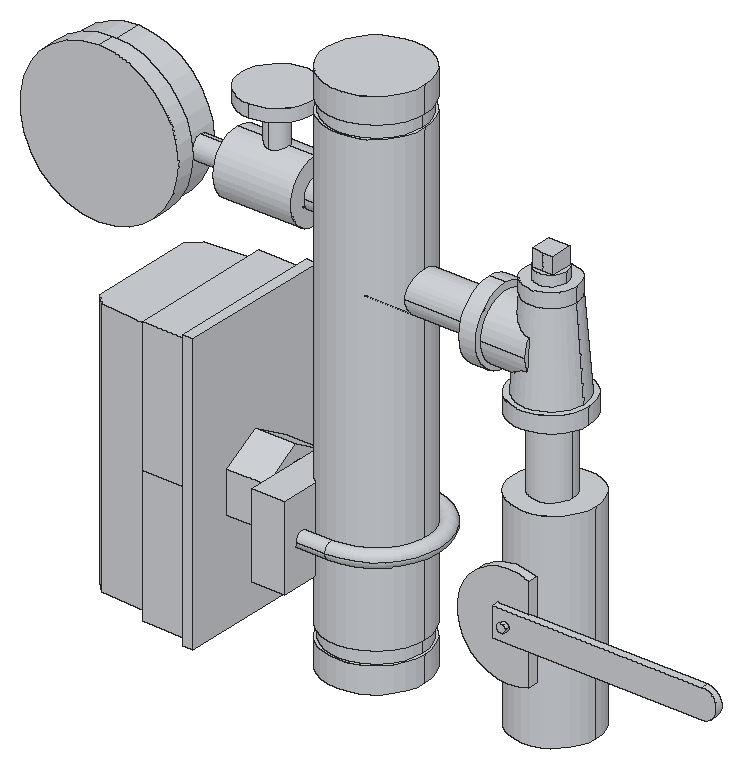
Revit family
Reference planes (in)
  plane 1 "Center (Front/Back)": y = 0
  plane 2: z = 0
  plane 3 "Center (Left/Right)": x = 0
Dimensions and locks (in)
  aligned and locked: plane 2 to level
Nested families (in)
  nested 1: "2FCG" at (0, 0, 0), type "RASCO CR COMMERCIAL RISER"
Connectors (in)
  piping at (4.33942, 0.00505, 0.25)
    settings: on nested 1, index 1, connector radius 1", flow factor 0, pipe flow 0 GPM, pressure drop 0.00 psi, fitting loss kfactor 0, connector angle 0.00°, fixture units 0, flow configuration 0, flow direction 0, fitting loss method 0, system type 7, connector reference index -1, connector utility 0, adjustable connector no, is connector primary yes, fitting loss table "", connector description ""
  piping at (0, 0, 13)
    settings: on nested 1, index 2, connector radius 1", flow factor 0, pipe flow 0 GPM, pressure drop 0.00 psi, fitting loss kfactor 0, connector angle 0.00°, fixture units 0, flow configuration 0, flow direction 0, fitting loss method 0, system type 7, connector reference index -1, connector utility 0, adjustable connector no, is connector primary no, fitting loss table "", connector description ""
  piping at (0, 0, 0)
    settings: on nested 1, index 3, connector radius 1", flow factor 0, pipe flow 0 GPM, pressure drop 0.00 psi, fitting loss kfactor 0, connector angle 0.00°, fixture units 0, flow configuration 0, flow direction 0, fitting loss method 0, system type 7, connector reference index -1, connector utility 0, adjustable connector no, is connector primary no, fitting loss table "", connector description ""
  piping at (0, 0, 13)
    settings: on nested 1, index 4, connector radius 1", flow factor 0, pipe flow 0 GPM, pressure drop 0.00 psi, fitting loss kfactor 0, connector angle 0.00°, fixture units 0, flow configuration 0, flow direction 0, fitting loss method 0, system type 7, connector reference index -1, connector utility 0, adjustable connector no, is connector primary no, fitting loss table "", connector description ""
Definition of nested family "2FCG"
  Reference planes (in)
    plane 1 "Center (Front/Back)": y = 0
    plane 2: z = 0
    plane 3 "Center (Left/Right)": x = 0
    plane 4 "ref.1": z = 0.63009
    plane 5 "TOP": z = 13
    plane 6 "GRV": z = 12.375
    plane 7 "REF2": z = 0.94309
    plane 8: x = -8
    plane 9: x = 4.25
    plane 10: x = 9.5
  Forms (in)
    Extrusion 1, solid
      sketch origin (0, 0, 0) x (1, 0, 0) y (0, 1, 0)
        loop
          circle (0, 0) r 1.1875
      from 0 to 0.625
    Extrusion 2, solid
      sketch origin (1.53385, 0, 6.79134) x (-1, 0, 0) y (0, -1, 0)
        loop
          circle (-2.75, 0.00522) r 0.5
      from -1.50134 to 0.55
    Extrusion 3, solid
      sketch origin (1.4999, 0, 9.90753) x (-1, 0, 0) y (0, -1, 0)
        loop
          circle (-2.75, 0) r 0.375
      from 0 to 0.2412
    Extrusion 4, solid
      sketch origin (1.497, 0, 9.90753) x (-1, 0, 0) y (0, -1, 0)
        loop
          line (-2.753, 0.25) -> (-3.003, 0.25) -> (-3.003, -0.25) -> (-2.503, -0.25) -> (-2.503, 0) -> (-2.503, 0.25) -> (-2.753, 0.25)
      from 0.2412 to 0.64184
    Extrusion 5, solid
      sketch origin (0, 0, 0.63009) x (-1, 0, 0) y (0, -1, 0)
        loop
          circle (0, 0) r 1.125
      from 0 to 0.313
    Extrusion 6, solid
      sketch origin (0, 0, 13) x (-1, 0, 0) y (0, -1, 0)
        loop
          circle (0, 0) r 1.1875
      from 0 to -0.625
    Extrusion 7, solid
      sketch origin (0, 0, 12.375) x (-1, 0, 0) y (0, -1, 0)
        loop
          circle (0, 0) r 1.125
      from 0 to -0.313
    Extrusion 8, solid
      sketch origin (0, 0, 0.94309) x (-1, 0, 0) y (0, -1, 0)
        loop
          circle (0, 0) r 1.1875
      from 0 to 11.11891
    Extrusion 9, solid
      sketch origin (0, 0, 0) x (0, 1, 0) y (0, 0, 1)
        loop
          circle (0, 9.75) r 0.375
      from 0 to -1.58971
    Extrusion 10, solid
      sketch origin (0, 0, 0) x (0, 1, 0) y (0, 0, 1)
        loop
          circle (0, 8.52128) r 0.5
      from 0 to 2.8321
    Extrusion 11, solid
      sketch origin (0, 0, -0.14731) x (0, 1, 0) y (0, 0, 1)
        loop
          line (-0.00807, 4.24845) -> (-1.87904, 4.24845) -> (-1.87904, 2.23289) -> (-0.00807, 2.23289) -> (1.87096, 2.23289) -> (1.87096, 4.24845) -> (-0.00807, 4.24845)
      from -0.70202 to -1.5
    Sweep 12, solid
      path origin (0.01124, -0.01472, 0.94309) x (-1, 0, 0) y (0, -1, 0)
        loop
          line (1.75, 1.36048) -> (0, 1.36048)
          arc (0, 1.36048) -> (-1.37683, -0.01635) -> (0, -1.39318) r 1.37683
          line (0, -1.39318) -> (1.75, -1.39318)
      profile origin (-0.86376, 1.37847, 0.94309) x (0, -1, 0) y (0, 0, 1)
        loop
          circle (0, 2.14151) r 0.189
  Dimensions and locks (in)
    plane 5 "TOP" to level = 1' - 1"
    plane 10 to plane 8 = 1' - 5 1/2"
    Extrusion 6 to nested 3 = 1' - 0 3/4"
    aligned and locked: plane 2 to level
  Nested families (in)
    nested 1: "Gauge3" at (-5.55038, 0.39285, 3.84569), type "RASCO Gauge"
    nested 2: "Water Flow Detector" at (-4.25, 0, -0.5752), type "Water Flow Detector"
    nested 3: "Test-Drain Valve" at (4.25, -0.3702, 0.25), type "Test-Drain Valve"
    nested 4: "tee3" at (4.25, 0, 7.01009), type "tee3"
    nested 5: "Globe Valve10" at (-1.25, 0, 9.05876), type "RASCO Globe Valve"
  Definition of nested family "Gauge3"
    Reference planes (in)
      plane 1 "Center (Front/Back)": y = 0
      plane 2: z = 0
      plane 3 "Center (Left/Right)": x = 0
      plane 4: z = 7.47962
      plane 5 "ref.2": y = -0.425
      plane 6 "ref.3": z = 5.65212
      plane 7 "refdt": y = -1.191
    Forms (in)
      Extrusion 1, solid
        sketch origin (6.95412, -1.191, 5.90312) x (0, 0, -1) y (-1, 0, 0)
          loop
            circle (0, 7.47962) r 1.9225
        from 0 to 0.425
      Extrusion 2, solid
        sketch origin (6.95412, -0.766, 5.90312) x (-1, 0, 0) y (0, 0, 1)
          loop
            circle (7.47962, 0) r 1.8275
        from 0 to 0.766
      Extrusion 3, solid
        sketch origin (2.43846, -1.191, 5.90312) x (0, 1, 0) y (0, 0, 1)
          loop
            circle (0.80101, 0) r 0.2725
        from 0 to -1.146
    Lines and regions (in)
      model lines
        curve 1: arc (-0.5255, -1.191, 4.25062) -> (-2.178, -1.191, 5.90312) -> (-0.5255, -1.191, 7.55562) r 1.6525
        curve 2: arc (-0.5255, -1.191, 4.42562) -> (-2.003, -1.191, 5.90312) -> (-0.5255, -1.191, 7.38062) r 1.4775
        curve 3: line (-0.5255, -1.191, 4.25062) -> (-0.5255, -1.191, 4.42562)
        curve 4: line (-0.5255, -1.191, 7.38062) -> (-0.5255, -1.191, 7.55562)
        curve 5: line (-0.32954, -1.191, 5.36925) -> (-1.42319, -1.191, 6.76906)
        curve 6: line (-1.42319, -1.191, 6.76906) -> (-0.17646, -1.191, 5.52233)
        curve 7: line (-0.17646, -1.191, 5.52233) -> (-0.32954, -1.191, 5.36925)
    Dimensions and locks (in)
      aligned and locked: plane 2 to level
  Definition of nested family "Water Flow Detector"
    Reference planes (in)
      plane 1 "Center (Front/Back)": y = 0
      plane 2: z = 0
      plane 3 "Center (Left/Right)": x = 0
    Forms (in)
      Extrusion 1, solid
        sketch origin (3.64489, -0.00807, 3.68167) x (0, 0, -1) y (0, -1, 0)
          loop
            circle (0, 0) r 0.655
        from 0 to 1.32768
      Extrusion 2, solid
        sketch origin (2.31721, -0.00807, 5.11447) x (0, -1, 0) y (0, 0, 1)
          loop
            line (0, -0.43279) -> (-0.86603, -0.93279) -> (-0.86603, -1.93279) -> (0, -2.43279) -> (0.86603, -1.93279) -> (0.86603, -0.93279) -> (0, -0.43279)
        from 0 to 1
      Extrusion 3, solid
        sketch origin (1.31721, -0.00404, 4.28167) x (0, 0, 1) y (0, 1, 0)
          loop
            line (-3.6, 0) -> (-3.6, -1.875) -> (3.15, -1.875) -> (3.15, 1.875) -> (-3.6, 1.875) -> (-3.6, 0)
        from 0 to 0.25
      Extrusion 4, solid
        sketch origin (1.06721, -0.00807, 3.68167) x (0, 0, 1) y (0, 1, 0)
          loop
            line (0.375, -1.765) -> (3.625, -1.765) -> (3.625, 1.765) -> (-2.89, 1.765) -> (-2.89, -1.765) -> (0.375, -1.765)
        from 0 to 1.062
      Extrusion 5, solid
        sketch origin (3.64477, -0.00807, 4.42051) x (-1, 0, 0) y (0, -1, 0)
          loop
            line (3.63968, 0) -> (3.63968, -1.627) -> (4.80895, -1.54524) -> (5.07768, -1.2765) -> (5.07768, 0) -> (5.07768, 1.2765) -> (4.80895, 1.54524) -> (3.63968, 1.627) -> (3.63968, 0)
        from -3.48722 to 2.75684
    Dimensions and locks (in)
      aligned and locked: plane 2 to level
  Definition of nested family "Test-Drain Valve"
    Parameters (values of type "Test-Drain Valve")
      Assembly Code = ""
    Reference planes (in)
      plane 1 "Center (Front/Back)": y = 0
      plane 2: z = 0
      plane 3 "Center (Left/Right)": x = 0
      plane 4 "ref.2": z = 1.03
    Forms (in)
      Extrusion 1, solid
        sketch origin (0.0978, 0.09564, 3.15774) x (1, 0, 0) y (0, 0, 1)
          loop
            circle (-0.00162, -0.38531) r 0.105
        from 0.56904 to 1.36107
      Extrusion 2, solid
        sketch origin (0.37389, -1.26543, 1.64423) x (0, 0, 1) y (-1, 0, 0)
          loop
            line (1.03, 0.56251) -> (0.78415, 0.56251) -> (0.78415, -4.51523)
            arc (0.78415, -4.51523) -> (1.13312, -4.8642) -> (1.48208, -4.51523) r 0.34897
            line (1.48208, -4.51523) -> (1.48208, 0.56251) -> (1.03, 0.56251)
        from -0.26148 to -0.09542
      Extrusion 3, solid
        sketch origin (0, 0, 0) x (1, 0, 0) y (0, 1, 0)
          loop
            circle (0.08942, 0.37525) r 1
        from 0 to 5.04
      Extrusion 4, solid
        sketch origin (0.27523, 0.78727, -0.10701) x (1, 0, 0) y (0, 0, 1)
          loop
            line (0.28512, 2.5) -> (0.28512, 3.93949)
            arc (0.28512, 3.93949) -> (-1.45413, 2.78922) -> (0.28512, 1.63894) r 1.25
            line (0.28512, 1.63894) -> (0.28512, 2.5)
        from 1.56371 to 1.79121
    Dimensions and locks (in)
      aligned and locked: plane 2 to level
  Definition of nested family "tee3"
    Parameters (values of type "tee3")
      Assembly Code = ""
    Reference planes (in)
      plane 1 "Center (Front/Back)": y = 0
      plane 2: z = 0
      plane 3 "Center (Left/Right)": x = 0
      plane 4 "ref.2": z = 0.4
      plane 5 "re.3": z = 2.00996
      plane 6: x = -1.5
    Forms (in)
      Extrusion 1, solid
        sketch origin (0, 0, 0) x (1, 0, 0) y (0, 1, 0)
          loop
            circle (0, 0) r 0.92
        from 0 to 0.4
      Blend 2, solid
        base sketch origin (0, 0, 0.4) x (-1, 0, 0) y (0, -1, 0)
          loop
            circle (0, 0) r 0.785
        top sketch origin (0, 0, 0.4) x (-1, 0, 0) y (0, -1, 0)
          loop
            circle (0, 0) r 0.6225
        from 0 to 2.16061
      Extrusion 3, solid
        sketch origin (-0.0036, 0, 2.00996) x (-1, 0, 0) y (0, -1, 0)
          loop
            circle (0, 0) r 0.6225
        from 0.88683 to 0.55064
      Extrusion 4, solid
        sketch origin (0, 0, 0.26952) x (0, 1, 0) y (0, 0, 1)
          loop
            circle (-0.00522, 1.18821) r 0.785
        from 0 to -1.1
      Extrusion 5, solid
        sketch origin (-1.1, 0, 1.47271) x (0, 0, 1) y (0, 1, 0)
          loop
            circle (0, 0) r 0.92
        from 0 to 0.4
    Dimensions and locks (in)
      aligned and locked: plane 2 to level
  Definition of nested family "Globe Valve10"
    Parameters (values of type "RASCO Globe Valve")
      Assembly Code = ""
    Reference planes (in)
      plane 1 "Center (Front/Back)": y = 0
      plane 2: z = 0
      plane 3 "Center (Left/Right)": x = 0
      plane 4 "ref. side": x = -0.5
      plane 5 "ref. side2": x = -1.734
      plane 6 "ref. side 4": x = -2.763
    Forms (in)
      Extrusion 1, solid
        sketch origin (-0.27216, -0.01249, 0.71909) x (0, 0, -1) y (0, -1, 0)
          loop
            circle (0, 0) r 0.75
        from -0.06079 to 1.82121
      Extrusion 2, solid
        sketch origin (-0.27501, -0.00978, 1.2975) x (0, 1, 0) y (-1, 0, 0)
          loop
            circle (0, 0.86289) r 0.265
        from -0.00766 to 1.234
      Extrusion 3, solid
        sketch origin (-0.28892, 0.00562, 2.36212) x (0, 1, 0) y (-1, 0, 0)
          loop
            circle (0, 0.85138) r 0.87523
        from 0 to 0.3
    Dimensions and locks (in)
      aligned and locked: plane 2 to level
